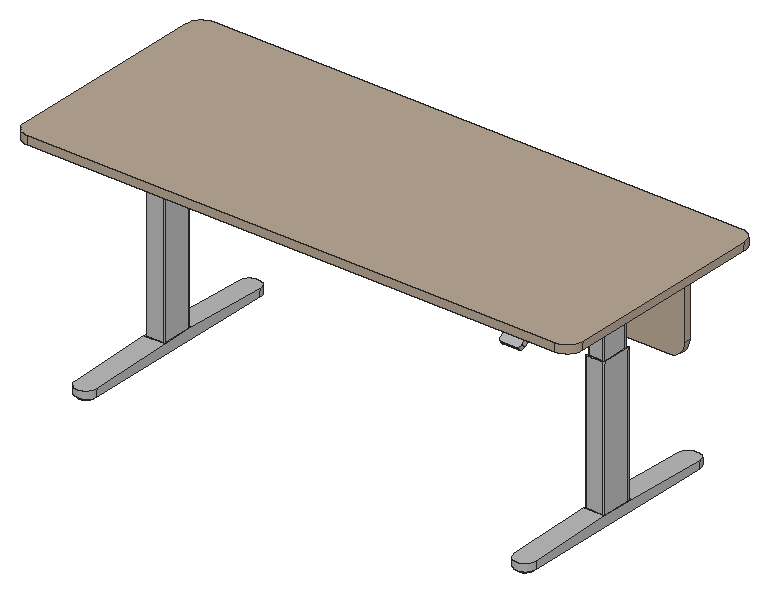
Revit family "Worksurface-Teknion-EMTW_Navigate_Height_Adjustable_Emote_With-Base-R2016", category Furniture, Revit 2018
Family settings
  OmniClass Number = 23.40.20.00
  OmniClass Title = General Furniture and Specialties
  Work Plane-Based = No
  Always vertical = Yes
  Cut with Voids When Loaded = No
  Shared = Yes
  Room Calculation Point = No
Parameters (values of type "Eased Corner, Knife Edge")
  Worksurface Finish [instance] = Veneer - Teknion - 5N - Flintwood - White Oak
  Width [instance] = 72.000"
  Warranty = "http://www.teknion.com/ca/papers/legal-canada"
  Unit Weight URL = "http://www.teknion.com/ca/tools/assets#&asset=bee6a381-b954-425e-8283-5a2de3a804f2,f828d448-4b62-4231-9e5f-9a8991c0ed77"
  URL = "www.teknion.com"
  To render, please download texture images found here [instance] = "https://assets.teknion.com/web/5e81352c1dfdb467/revit-material-swatches/"
  Switch Finish [instance] = Paint - Teknion - Mica - Platinum
  Sustainability Data = "https://www.teknion.com/ca/tools/assets#&topic=216f99a5-57a0-44fc-b10a-9dee9b29ae4c&asset=444deb64-fe58-4b68-981e-f75e97781df7,b4ff2d81-9f2e-437d-9659-7cffb09c31cf"
  Square Corner = no
  Series = "Emote"
  Round Corner = yes
  Product Page URL = "https://www.teknion.com/ca/products/product-details?productLineId=df54fb6e-8e7a-673b-a6c8-ff05004460c4"
  Product Line = "Emote"
  Product Documentation Link = "https://assets.teknion.com/m/e60fdd6154307a7/original/Emote-Sell-Sheet.pdf"
  Part Number = "EMTW"
  Modesty Panel Finish [instance] = Veneer - Teknion - 5N - Flintwood - White Oak
  Model = "EMTW9MR30__"
  Manufacturer Phone = "416-661-3370"  # constant formula
  Manufacturer Fax = "416.661.4586"  # constant formula
  Manufacturer Contact Information = "http://www.teknion.com/ca/contactus"
  Manufacturer Address = "1150 Flint Road, Toronto, ON. M3J 2J5. Canada"  # constant formula
  Manufacturer = "Teknion"  # constant formula
  How To Use Teknion Materials User Guide [instance] = "https://assets.teknion.com/m/205dd0a49fa58060/original/How-to-add-a-Material-Library-and-Texture-Images-to-your-Revit-project.pdf"
  Height [instance] = 29.000"
  Has Modesty Panel [instance] = yes
  Frame Cutout [instance] = if(Width = 72.000", 14.061", 11.061")  # 14.061"
  For Additional Finishes, please visit [instance] = "https://assets.teknion.com/m/44a8009b046e5d47/original/Teknion_Materials_Library.zip"
  Description = "Worksurface for Navigate Extended Range HA Table with Base, Extended Electric Emote Base Mechanics, Rectangular Top Square Edge, 30\" Depth"
  Center Hardware for Modesty Panel [instance] = and(Width > 59.000", Has Modesty Panel)  # yes
  Base Finish [instance] = Paint - Teknion - Mica - Platinum
  Available Widths [instance] = "48, 54, 60, 66, and 72 Inches"  # constant formula
  Availabile Height [instance] = "22.6 to 48.7 Inches"  # constant formula
  Assembly Code = "E2020200"
Reference planes (in)
  plane 1 "Center Front/Back": y = 0
  plane 2: z = 0
  plane 3 "Center Left/Right": x = 0
  plane 4 "Left": x = -36
  plane 5 "Right": x = 36
  plane 6 "Back": y = 15
  plane 7 "Front": y = -15
  plane 8 "Top": z = 29
  plane 9 "Left Edge of Modesty Panel": x = -29.75
  plane 10 "Right Edge of Modesty Panel": x = 29.75
  plane 11 "Bottom of Worksurface": z = 28
  plane 12 "Top of Modesty Panel": z = 27
  plane 13 "Bottom of Modesty Panel": z = 14
  plane 14 "Outer Edge of Left Hardware for Modesty Panel": x = -26.5
  plane 15 "Inner Edge for Left Hardaware for Modesty Panel": x = -24
  plane 16 "Outer Edge of Right Hardware for Modesty Panel": x = 26.5
  plane 17 "Inner Edge for Right Hardaware for Modesty Panel": x = 24
  plane 18 "Left edge of Center Hardware for Modesty Panel": x = -1.25
  plane 19 "Right Edge of Center Hardware for Modesty Panel": x = 1.25
  plane 20 "Back of Modesty Panel": y = 12.011
  plane 21 "Front of Modesty Panel": y = 11.326
  plane 22 "Bottom of Hardware of Modesty Panel": z = 23
  plane 23 "Front of Hardware of Modesty Panel": y = 7.32617
  plane 24: z = 0.22835
  plane 25: z = 0.34646
  plane 26: z = 1.60444
  plane 27: z = 19.26378
  plane 28: z = 22.72638
  plane 29: z = 26.18897
  plane 30: through (0, -15.13169, 26.65218) normal (0, 0.7547, 0.6561)
Forms (in)
  Sweep 1, solid, material "Veneer - Teknion - 5N - Flintwood - White Oak" <- "Worksurface Finish", visible <- "Square Corner"
    path origin (0, 0, 0) x (1, 0, 0) y (0, 0, 1)
      loop
        line (0, 28) -> (0, 29)
    profile origin (0, 0, 28.5) x (-1, 0, 0) y (0, -1, 0)
      loop
        line (36, -15) -> (36, 15) -> (-36, 15) -> (-36, -15) -> (36, -15)
  Sweep 2, solid, material "Veneer - Teknion - 5N - Flintwood - White Oak" <- "Worksurface Finish", visible <- "Round Corner"
    path origin (0, 0, 0) x (1, 0, 0) y (0, 0, 1)
      loop
        line (0, 28) -> (0, 29)
    profile origin (0, 0, 28.5) x (-1, 0, 0) y (0, -1, 0)
      loop
        arc (34, -15) -> (35.41421, -14.41421) -> (36, -13) r 2
        line (36, -13) -> (36, 13)
        arc (36, 13) -> (35.41421, 14.41421) -> (34, 15) r 2
        line (34, 15) -> (-34, 15)
        arc (-34, 15) -> (-35.41421, 14.41421) -> (-36, 13) r 2
        line (-36, 13) -> (-36, -13)
        arc (-36, -13) -> (-35.41421, -14.41421) -> (-34, -15) r 2
        line (-34, -15) -> (34, -15)
  Sweep 3, solid, material "Veneer - Teknion - 5N - Flintwood - White Oak" <- "Modesty Panel Finish", visible <- "Has Modesty Panel"
    path origin (0, 0, 0) x (1, 0, 0) y (0, 1, 0)
      loop
        line (0, 11.326) -> (0, 12.011)
    profile origin (0, 11.6685, 0) x (-1, 0, 0) y (0, 0, 1)
      loop
        line (29.75, 16) -> (29.75, 27) -> (-29.75, 27) -> (-29.75, 16)
        arc (-29.75, 16) -> (-29.16421, 14.58578) -> (-27.75, 14) r 2
        line (-27.75, 14) -> (27.75, 14)
        arc (27.75, 14) -> (29.16421, 14.58578) -> (29.75, 16) r 2
  Sweep 4, solid, material "Paint - Teknion - Mica - Platinum" <- "Base Finish", visible <- "Has Modesty Panel"
    path origin (0, 0, 0) x (0, 1, 0) y (0, 0, 1)
      loop
        line (11.326, 23) -> (11.326, 28) -> (7.32617, 28)
    profile origin (0, 11.326, 25.5) x (0, -1, 0) y (1, 0, 0)
      loop
        line (0.38914, -26.5) -> (0.38914, -26.44) -> (0.06, -26.44) -> (0.06, -24.0605) -> (0.38914, -24.0605) -> (0.38914, -24) -> (0, -24) -> (0, -26.5) -> (0.38914, -26.5)
      loop
        line (0.38914, 24) -> (0.38914, 24.06) -> (0.06, 24.06) -> (0.06, 26.4395) -> (0.38914, 26.4395) -> (0.38914, 26.5) -> (0, 26.5) -> (0, 24) -> (0.38914, 24)
  Sweep 5, solid, material "Paint - Teknion - Mica - Platinum" <- "Base Finish", visible <- "Center Hardware for Modesty Panel"
    path origin (0, 0, 0) x (0, 1, 0) y (0, 0, 1)
      loop
        line (11.326, 23) -> (11.326, 28) -> (7.32617, 28)
    profile origin (0, 11.326, 25.5) x (0, -1, 0) y (1, 0, 0)
      loop
        line (0.38914, -1.25) -> (0.38914, -1.19) -> (0.06, -1.19) -> (0.06, 1.1895) -> (0.38914, 1.1895) -> (0.38914, 1.25) -> (0, 1.25) -> (0, -1.25) -> (0.38914, -1.25)
  Sweep 6, solid, material "Paint - Teknion - Mica - Platinum" <- "Base Finish"
    path origin (0, 0, 0) x (1, 0, 0) y (0, 0, 1)
      loop
        line (0, 0) -> (0, 0.22835)
    profile origin (0, 0, 0.11417) x (-1, 0, 0) y (0, -1, 0)
      loop
        circle (28.34724, -13.66073) r 0.984
      loop
        circle (28.34724, 12.63848) r 0.984
      loop
        circle (-28.34724, -13.66073) r 0.984
      loop
        circle (-28.34724, 12.63848) r 0.984
  Sweep 7, solid, material "Paint - Teknion - Mica - Platinum" <- "Base Finish"
    path origin (0, 0, 0) x (1, 0, 0) y (0, 0, 1)
      loop
        line (0, 0.22835) -> (0, 0.34646)
    profile origin (0, 0, 0.2874) x (-1, 0, 0) y (0, -1, 0)
      loop
        line (29.52835, -13.66073) -> (29.52835, 12.63848)
        arc (29.52835, 12.63848) -> (28.34724, 13.81959) -> (27.16614, 12.63848) r 1.1811
        line (27.16614, 12.63848) -> (27.16614, -13.66073)
        arc (27.16614, -13.66073) -> (28.34724, -14.84183) -> (29.52835, -13.66073) r 1.1811
      loop
        arc (-29.52835, -13.66073) -> (-28.34724, -14.84183) -> (-27.16614, -13.66073) r 1.1811
        line (-27.16614, -13.66073) -> (-27.16614, 12.63848)
        arc (-27.16614, 12.63848) -> (-28.34724, 13.81959) -> (-29.52835, 12.63848) r 1.1811
        line (-29.52835, 12.63848) -> (-29.52835, -13.66073)
  Sweep 8, solid, material "Paint - Teknion - Mica - Platinum" <- "Base Finish"
    path origin (0, 0, 0) x (1, 0, 0) y (0, 0, 1)
      loop
        line (0, 0.34646) -> (0, 1.60444)
    profile origin (0, 0, 0.97545) x (-1, 0, 0) y (0, -1, 0)
      loop
        line (29.7252, -13.66073) -> (29.7252, 12.63848)
        arc (29.7252, 12.63848) -> (28.34724, 14.01644) -> (26.96929, 12.63848) r 1.37795
        line (26.96929, 12.63848) -> (26.96929, -13.66073)
        arc (26.96929, -13.66073) -> (28.34724, -15.03868) -> (29.7252, -13.66073) r 1.37795
      loop
        arc (-29.7252, -13.66073) -> (-28.34724, -15.03868) -> (-26.96929, -13.66073) r 1.37795
        line (-26.96929, -13.66073) -> (-26.96929, 12.63848)
        arc (-26.96929, 12.63848) -> (-28.34724, 14.01644) -> (-29.7252, 12.63848) r 1.37795
        line (-29.7252, 12.63848) -> (-29.7252, -13.66073)
  Sweep 9, void
    path origin (0, 0, 0) x (1, 0, 0) y (0, 1, 0)
      loop
        line (-36, 0) -> (36, 0)
    profile origin (0, 0, 0) x (0, 1, 0) y (0, 0, 1)
      loop
        line (2.74117, 1.60444) -> (16.5, 1.15679) -> (16.5, 3) -> (-15, 3) -> (-15, 1.16812) -> (-1.58947, 1.60444) -> (2.74117, 1.60444)
  Sweep 10, solid, material "Paint - Teknion - Mica - Platinum" <- "Base Finish"
    path origin (0, 0, 0) x (1, 0, 0) y (0, 0, 1)
      loop
        line (0, 1.60444) -> (0, 19.26378)
    profile origin (0, 0, 10.43411) x (-1, 0, 0) y (0, -1, 0)
      loop
        arc (29.55477, 1.33927) -> (29.51243, 1.44147) -> (29.41024, 1.4838) r 0.14453
        line (29.41024, 1.4838) -> (27.28425, 1.4838)
        arc (27.28425, 1.4838) -> (27.18205, 1.44147) -> (27.13972, 1.33927) r 0.14453
        line (27.13972, 1.33927) -> (27.13972, -2.36152)
        arc (27.13972, -2.36152) -> (27.18205, -2.46372) -> (27.28425, -2.50605) r 0.14453
        line (27.28425, -2.50605) -> (29.41024, -2.50605)
        arc (29.41024, -2.50605) -> (29.51243, -2.46372) -> (29.55477, -2.36152) r 0.14453
        line (29.55477, -2.36152) -> (29.55477, 1.33927)
      loop
        line (-29.55477, 1.33927) -> (-29.55477, -2.36152)
        arc (-29.55477, -2.36152) -> (-29.51243, -2.46372) -> (-29.41024, -2.50605) r 0.14453
        line (-29.41024, -2.50605) -> (-27.28425, -2.50605)
        arc (-27.28425, -2.50605) -> (-27.18205, -2.46372) -> (-27.13972, -2.36152) r 0.14453
        line (-27.13972, -2.36152) -> (-27.13972, 1.33927)
        arc (-27.13972, 1.33927) -> (-27.18205, 1.44147) -> (-27.28425, 1.4838) r 0.14453
        line (-27.28425, 1.4838) -> (-29.41024, 1.4838)
        arc (-29.41024, 1.4838) -> (-29.51243, 1.44147) -> (-29.55477, 1.33927) r 0.14453
  Sweep 11, solid, material "Paint - Teknion - Mica - Platinum" <- "Base Finish"
    path origin (0, 0, 0) x (1, 0, 0) y (0, 0, 1)
      loop
        line (0, 19.26378) -> (0, 22.72638)
    profile origin (0, 0, 20.99508) x (-1, 0, 0) y (0, -1, 0)
      loop
        arc (29.20945, -2.28872) -> (29.29297, -2.25413) -> (29.32756, -2.17061) r 0.11811
        line (29.32756, -2.17061) -> (29.32756, 1.14837)
        arc (29.32756, 1.14837) -> (29.29297, 1.23188) -> (29.20945, 1.26648) r 0.11811
        line (29.20945, 1.26648) -> (27.48504, 1.26648)
        arc (27.48504, 1.26648) -> (27.40152, 1.23188) -> (27.36693, 1.14837) r 0.11811
        line (27.36693, 1.14837) -> (27.36693, -2.17061)
        arc (27.36693, -2.17061) -> (27.40152, -2.25413) -> (27.48504, -2.28872) r 0.11811
        line (27.48504, -2.28872) -> (29.20945, -2.28872)
      loop
        line (-29.20945, -2.28872) -> (-27.48504, -2.28872)
        arc (-27.48504, -2.28872) -> (-27.40152, -2.25413) -> (-27.36693, -2.17061) r 0.11811
        line (-27.36693, -2.17061) -> (-27.36693, 1.14837)
        arc (-27.36693, 1.14837) -> (-27.40152, 1.23188) -> (-27.48504, 1.26648) r 0.11811
        line (-27.48504, 1.26648) -> (-29.20945, 1.26648)
        arc (-29.20945, 1.26648) -> (-29.29297, 1.23188) -> (-29.32756, 1.14837) r 0.11811
        line (-29.32756, 1.14837) -> (-29.32756, -2.17061)
        arc (-29.32756, -2.17061) -> (-29.29297, -2.25413) -> (-29.20945, -2.28872) r 0.11811
  Sweep 12, solid, material "Paint - Teknion - Mica - Platinum" <- "Base Finish"
    path origin (0, 0, 0) x (1, 0, 0) y (0, 0, 1)
      loop
        line (0, 22.72638) -> (0, 26.18897)
    profile origin (0, 0, 24.45768) x (-1, 0, 0) y (0, -1, 0)
      loop
        line (27.64912, -2.1151) -> (29.04537, -2.1151)
        arc (29.04537, -2.1151) -> (29.12887, -2.08049) -> (29.16343, -1.99697) r 0.11807
        line (29.16343, -1.99697) -> (29.16343, 0.97472)
        arc (29.16343, 0.97472) -> (29.12887, 1.05825) -> (29.04537, 1.09285) r 0.11807
        line (29.04537, 1.09285) -> (27.64912, 1.09285)
        arc (27.64912, 1.09285) -> (27.56561, 1.05825) -> (27.53106, 0.97472) r 0.11807
        line (27.53106, 0.97472) -> (27.53106, -1.99697)
        arc (27.53106, -1.99697) -> (27.56561, -2.08049) -> (27.64912, -2.1151) r 0.11807
      loop
        arc (-27.64912, -2.1151) -> (-27.56561, -2.08049) -> (-27.53106, -1.99697) r 0.11807
        line (-27.53106, -1.99697) -> (-27.53106, 0.97472)
        arc (-27.53106, 0.97472) -> (-27.56561, 1.05825) -> (-27.64912, 1.09285) r 0.11807
        line (-27.64912, 1.09285) -> (-29.04537, 1.09285)
        arc (-29.04537, 1.09285) -> (-29.12887, 1.05825) -> (-29.16343, 0.97472) r 0.11807
        line (-29.16343, 0.97472) -> (-29.16343, -1.99697)
        arc (-29.16343, -1.99697) -> (-29.12887, -2.08049) -> (-29.04537, -2.1151) r 0.11807
        line (-29.04537, -2.1151) -> (-27.64912, -2.1151)
  Sweep 13, solid, material "Paint - Teknion - Mica - Platinum" <- "Base Finish"
    path origin (0, 0, 0) x (1, 0, 0) y (0, 1, 0)
      loop
        line (0, -1.65423) -> (0, 2.67648)
    profile origin (0, 0.51112, 0) x (-1, 0, 0) y (0, 0, 1)
      loop
        line (29.75, 28) -> (22.4811, 28) -> (22.4811, 26.93701) -> (23.11102, 26.18897) -> (29.75, 26.18897) -> (29.75, 28)
      loop
        line (-29.75, 28) -> (-29.75, 26.18897) -> (-23.11102, 26.18897) -> (-22.4811, 26.93701) -> (-22.4811, 28) -> (-29.75, 28)
  Sweep 14, solid, material "Paint - Teknion - Mica - Platinum" <- "Base Finish"
    path origin (0, 0, 0) x (1, 0, 0) y (0, 1, 0)
      loop
        line (-26.92992, 0) -> (26.92992, 0)
    profile origin (0, 0, 0) x (0, 1, 0) y (0, 0, 1)
      loop
        line (2.8047, 26.2937) -> (2.8047, 28) -> (2.7001, 28) -> (2.7001, 26.18897) -> (-1.67785, 26.18897) -> (-1.67785, 28) -> (-1.78245, 28) -> (-1.78245, 26.2937)
        arc (-1.78245, 26.2937) -> (-1.72114, 26.14568) -> (-1.57313, 26.08437) r 0.20932
        line (-1.57313, 26.08437) -> (2.59538, 26.08437)
        arc (2.59538, 26.08437) -> (2.74339, 26.14568) -> (2.8047, 26.2937) r 0.20932
  Sweep 15, solid, material "Paint - Teknion - Mica - Platinum" <- "Base Finish"
    path origin (0, 0, 0) x (1, 0, 0) y (0, 1, 0)
      loop
        line (-31.25, 0) -> (-25.25, 0)
    profile origin (-28.25, 0, 0) x (0, 1, 0) y (0, 0, 1)
      loop
        line (3.10304, 26.07086) -> (9.07617, 27.43228) -> (9.07617, 28) -> (-8.05383, 28) -> (-8.05383, 27.4324) -> (-2.08017, 26.07086) -> (3.10304, 26.07086)
  Sweep 16, void
    path origin (0, 0, 0) x (1, 0, 0) y (0, 0, 1)
      loop
        line (0, 23) -> (0, 29)
    profile origin (0, 0, 26) x (-1, 0, 0) y (0, -1, 0)
      loop
        line (27.66825, -8.97601) -> (29.17479, -8.97601)
        arc (29.17479, -8.97601) -> (29.49191, -8.85375) -> (29.64491, -8.55027) r 0.47244
        line (29.64491, -8.55027) -> (30.19317, -3.03112) -> (30.19317, 2.00825) -> (29.64491, 7.52739)
        arc (29.64491, 7.52739) -> (29.49191, 7.83088) -> (29.17479, 7.95313) r 0.47244
        line (29.17479, 7.95313) -> (27.66825, 7.95313)
        arc (27.66825, 7.95313) -> (27.35113, 7.83088) -> (27.19812, 7.52739) r 0.47244
        line (27.19812, 7.52739) -> (26.64986, 2.00825) -> (26.64986, 1.80157) -> (29.72073, 1.80157) -> (29.72073, -2.82445) -> (26.64986, -2.82445) -> (26.64986, -3.03112) -> (27.19812, -8.55027)
        arc (27.19812, -8.55027) -> (27.35113, -8.85375) -> (27.66825, -8.97601) r 0.47244
      loop
        line (31.75, -9.47601) -> (31.75, 8.45313) -> (24.75, 8.45313) -> (24.75, -9.47601) -> (31.75, -9.47601)
      loop
        arc (-27.66825, -8.97601) -> (-27.35113, -8.85375) -> (-27.19812, -8.55027) r 0.47244
        line (-27.19812, -8.55027) -> (-26.64986, -3.03112) -> (-26.64986, -2.82445) -> (-29.72073, -2.82445) -> (-29.72073, 1.80157) -> (-26.64986, 1.80157) -> (-26.64986, 2.00825) -> (-27.19812, 7.52739)
        arc (-27.19812, 7.52739) -> (-27.35113, 7.83088) -> (-27.66825, 7.95313) r 0.47244
        line (-27.66825, 7.95313) -> (-29.17479, 7.95313)
        arc (-29.17479, 7.95313) -> (-29.49191, 7.83088) -> (-29.64491, 7.52739) r 0.47244
        line (-29.64491, 7.52739) -> (-30.19317, 2.00825) -> (-30.19317, -3.03112) -> (-29.64491, -8.55027)
        arc (-29.64491, -8.55027) -> (-29.49191, -8.85375) -> (-29.17479, -8.97601) r 0.47244
        line (-29.17479, -8.97601) -> (-27.66825, -8.97601)
      loop
        line (-31.75, -9.47601) -> (-24.75, -9.47601) -> (-24.75, 8.45313) -> (-31.75, 8.45313) -> (-31.75, -9.47601)
  Sweep 17, solid, material "Paint - Teknion - Mica - Platinum" <- "Base Finish"
    path origin (0, 0, 0) x (1, 0, 0) y (0, 1, 0)
      loop
        line (25.25, 0) -> (31.25, 0)
    profile origin (28.25, 0, 0) x (0, 1, 0) y (0, 0, 1)
      loop
        line (3.10304, 26.07086) -> (9.07617, 27.43228) -> (9.07617, 28) -> (-8.05383, 28) -> (-8.05383, 27.4324) -> (-2.08017, 26.07086) -> (3.10304, 26.07086)
  Sweep 18, void
    path origin (0, 0, 0) x (1, 0, 0) y (0, 0, 1)
      loop
        line (0, 23) -> (0, 27.68504)
    profile origin (0, 0, 25.34252) x (-1, 0, 0) y (0, -1, 0)
      loop
        line (29.42965, -3.0213) -> (27.41339, -3.0213)
        arc (27.41339, -3.0213) -> (27.07132, -3.17229) -> (26.95238, -3.52677) r 0.46297
        line (26.95238, -3.52677) -> (27.4136, -8.52886)
        arc (27.4136, -8.52886) -> (27.49647, -8.69325) -> (27.66825, -8.75947) r 0.25591
        line (27.66825, -8.75947) -> (29.17479, -8.75947)
        arc (29.17479, -8.75947) -> (29.34656, -8.69325) -> (29.42944, -8.52886) r 0.25591
        line (29.42944, -8.52886) -> (29.89066, -3.52677)
        arc (29.89066, -3.52677) -> (29.77171, -3.17229) -> (29.42965, -3.0213) r 0.46297
      loop
        arc (29.42965, 1.99842) -> (29.77171, 2.14941) -> (29.89066, 2.50389) r 0.46297
        line (29.89066, 2.50389) -> (29.42944, 7.50598)
        arc (29.42944, 7.50598) -> (29.34656, 7.67037) -> (29.17479, 7.73659) r 0.25591
        line (29.17479, 7.73659) -> (27.66825, 7.73659)
        arc (27.66825, 7.73659) -> (27.49647, 7.67037) -> (27.4136, 7.50598) r 0.25591
        line (27.4136, 7.50598) -> (26.95238, 2.50389)
        arc (26.95238, 2.50389) -> (27.07132, 2.14941) -> (27.41339, 1.99842) r 0.46297
        line (27.41339, 1.99842) -> (29.42965, 1.99842)
      loop
        arc (-29.42965, -3.0213) -> (-29.77171, -3.17229) -> (-29.89066, -3.52677) r 0.46297
        line (-29.89066, -3.52677) -> (-29.42944, -8.52886)
        arc (-29.42944, -8.52886) -> (-29.34656, -8.69325) -> (-29.17479, -8.75947) r 0.25591
        line (-29.17479, -8.75947) -> (-27.66825, -8.75947)
        arc (-27.66825, -8.75947) -> (-27.49647, -8.69325) -> (-27.4136, -8.52886) r 0.25591
        line (-27.4136, -8.52886) -> (-26.95238, -3.52677)
        arc (-26.95238, -3.52677) -> (-27.07132, -3.17229) -> (-27.41339, -3.0213) r 0.46297
        line (-27.41339, -3.0213) -> (-29.42965, -3.0213)
      loop
        line (-29.42965, 1.99842) -> (-27.41339, 1.99842)
        arc (-27.41339, 1.99842) -> (-27.07132, 2.14941) -> (-26.95238, 2.50389) r 0.46297
        line (-26.95238, 2.50389) -> (-27.4136, 7.50598)
        arc (-27.4136, 7.50598) -> (-27.49647, 7.67037) -> (-27.66825, 7.73659) r 0.25591
        line (-27.66825, 7.73659) -> (-29.17479, 7.73659)
        arc (-29.17479, 7.73659) -> (-29.34656, 7.67037) -> (-29.42944, 7.50598) r 0.25591
        line (-29.42944, 7.50598) -> (-29.89066, 2.50389)
        arc (-29.89066, 2.50389) -> (-29.77171, 2.14941) -> (-29.42965, 1.99842) r 0.46297
  Sweep 19, void
    path origin (0, 0, 0) x (1, 0, 0) y (0, 0, 1)
      loop
        line (0, 23) -> (0, 28)
    profile origin (0, 0, 25.5) x (-1, 0, 0) y (0, -1, 0)
      loop
        line (15.689, -2.43068) -> (15.689, 1.40844) -> (5.33467, 1.40844) -> (5.33467, -2.43068) -> (15.689, -2.43068)
  Sweep 20, void
    path origin (0, 0, 0) x (1, 0, 0) y (0, 1, 0)
      loop
        line (0, 0) -> (0, 7.32617)
    profile origin (0, 3.66309, 0) x (-1, 0, 0) y (0, 0, 1)
      loop
        line (2.91339, 27.74409) -> (1.81102, 27.74409) -> (1.81102, 26.64173) -> (2.91339, 26.64173) -> (2.91339, 27.74409)
      loop
        line (1.33858, 27.74409) -> (0.23622, 27.74409) -> (0.23622, 26.64173) -> (1.33858, 26.64173) -> (1.33858, 27.74409)
      loop
        line (-0.23622, 27.74409) -> (-1.33858, 27.74409) -> (-1.33858, 26.64173) -> (-0.23622, 26.64173) -> (-0.23622, 27.74409)
      loop
        line (-1.81102, 27.74409) -> (-2.91339, 27.74409) -> (-2.91339, 26.64173) -> (-1.81102, 26.64173) -> (-1.81102, 27.74409)
      loop
        line (-3.89665, 27.62697) -> (-4.76476, 27.62697) -> (-4.76476, 26.75886) -> (-3.89665, 26.75886) -> (-3.89665, 27.62697)
  Sweep 21, solid, material "Paint - Teknion - Mica - Platinum" <- "Switch Finish"
    path origin (0, 0, 0) x (1, 0, 0) y (0, 1, 0)
      loop
        line (27.16332, 0) -> (29.77064, 0)
    profile origin (28.46698, 0, 0) x (0, 1, 0) y (0, 0, 1)
      loop
        line (-11.22953, 27.29921) -> (-11.22953, 28) -> (-12.09556, 28) -> (-12.09556, 27.36782)
        arc (-12.09556, 27.36782) -> (-12.12987, 27.28499) -> (-12.2127, 27.25068) r 0.11715
        line (-12.2127, 27.25068) -> (-14.13386, 27.25068) -> (-14.13386, 27.18126) -> (-12.22455, 27.18126)
        arc (-12.22455, 27.18126) -> (-12.10541, 27.21281) -> (-12.0175, 27.29921) r 0.2407
        line (-12.0175, 27.29921) -> (-11.22953, 27.29921)
  Sweep 22, solid, material "Paint - Teknion - Mica - Platinum" <- "Switch Finish"
    path origin (0, 0, 0) x (1, 0, 0) y (0, 1, 0)
      loop
        line (27.06036, 0) -> (29.87367, 0)
    profile origin (28.46702, 0, 0) x (0, 1, 0) y (0, 0, 1)
      loop
        line (-12.23156, 27.86321) -> (-14.47589, 27.86321) -> (-15.46381, 27.03425) -> (-15.13169, 26.65218) -> (-14.27845, 27.35534) -> (-12.24043, 27.35534) -> (-12.23156, 27.86321)
  Sweep 23, void
    path origin (0, 0, 0) x (0, 1, 0) y (0, 0, 1)
      loop
        line (-14.72903, 26.18897) -> (-16.30333, 28)
    profile origin (0, -15.51618, 27.09449) x (0, -0.75471, -0.656059) y (1, 0, 0)
      loop
        line (-0.98363, 26.5) -> (0.2824, 26.5) -> (0.2824, 28.4579) -> (0.2824, 30.4158) -> (-0.98363, 30.4158) -> (-0.98363, 29.88148) -> (-0.58767, 29.88148)
        arc (-0.58767, 29.88148) -> (-0.16781, 29.71967) -> (0.00781, 29.3054) r 0.5764
        line (0.00781, 29.3054) -> (0.00781, 27.62896)
        arc (0.00781, 27.62896) -> (-0.16101, 27.22138) -> (-0.56859, 27.05255) r 0.5764
        line (-0.56859, 27.05255) -> (-0.98363, 27.05255) -> (-0.98363, 26.5)
Cuts and joins
  Sweep 9 cuts Sweep 8
  Sweep 16, Sweep 18 cuts Sweep 15
  Sweep 16, Sweep 18 cuts Sweep 17
  Sweep 19, Sweep 20 cuts Sweep 14
  Sweep 23 cuts Sweep 22
Lines and regions (in)
  Masking region 1, visible <- "Square Corner"
    outline origin (0, 0, 0) x (1, 0, 0) y (0, 1, 0)
      loop
        line (-36, 15) -> (-36, -15) -> (36, -15) -> (36, 15) -> (-36, 15)
  Masking region 2, visible <- "Round Corner"
    outline origin (0, 0, 0) x (1, 0, 0) y (0, 1, 0)
      loop
        line (-36, 13) -> (-36, -13)
        arc (-36, -13) -> (-35.41421, -14.41421) -> (-34, -15) r 2
        line (-34, -15) -> (34, -15)
        arc (34, -15) -> (35.41421, -14.41421) -> (36, -13) r 2
        line (36, -13) -> (36, 13)
        arc (36, 13) -> (35.41421, 14.41421) -> (34, 15) r 2
        line (34, 15) -> (-34, 15)
        arc (-34, 15) -> (-35.41421, 14.41421) -> (-36, 13) r 2
  Masking region 3
    outline origin (0, 0, 0) x (1, 0, 0) y (0, 1, 0)
      loop
        spline (27.21202, -15) -> (27.23396, -15.01681) -> (27.25704, -15.0327) -> (27.28118, -15.0476) -> (27.30633, -15.06148) -> (27.33241, -15.07431) -> (27.35934, -15.08603) -> (27.38704, -15.09663) -> (27.41544, -15.10606) -> (27.44446, -15.11431) -> (27.474, -15.12134) -> (27.504, -15.12714) -> (27.53435, -15.13169)
        line (27.53435, -15.13169) -> (29.4, -15.13169)
        spline (29.4, -15.13169) -> (29.43036, -15.12714) -> (29.46035, -15.12134) -> (29.4899, -15.11431) -> (29.51891, -15.10606) -> (29.54731, -15.09663) -> (29.57502, -15.08603) -> (29.60195, -15.07431) -> (29.62802, -15.06148) -> (29.65317, -15.0476) -> (29.67731, -15.0327) -> (29.70039, -15.01681) -> (29.72233, -15)
        line (29.72233, -15) -> (27.21202, -15)
  Masking region 4
    outline origin (0, 0, 0) x (1, 0, 0) y (0, 1, 0)
      loop
        line (27.06036, -15) -> (27.06036, -15.10064)
        spline (27.06036, -15.10064) -> (27.07316, -15.14522) -> (27.0919, -15.18856) -> (27.11638, -15.23018) -> (27.14634, -15.26965) -> (27.18146, -15.30653) -> (27.22136, -15.34044) -> (27.26562, -15.37101) -> (27.31376, -15.39792) -> (27.36527, -15.42088) -> (27.4196, -15.43964) -> (27.47617, -15.454) -> (27.53438, -15.46382)
        line (27.53438, -15.46382) -> (27.53438, -15.13156)
        arc (27.53438, -15.13156) -> (27.36404, -15.08799) -> (27.21181, -15) r 0.64444
        line (27.21181, -15) -> (27.06036, -15)
  Masking region 5
    outline origin (0, 0, 0) x (1, 0, 0) y (0, 1, 0)
      loop
        line (27.53438, -15.13156) -> (27.53438, -15.46381) -> (29.39998, -15.46381) -> (29.39998, -15.13156) -> (27.53438, -15.13156)
  Masking region 6
    outline origin (0, 0, 0) x (1, 0, 0) y (0, 1, 0)
      loop
        arc (29.72254, -15) -> (29.57032, -15.08799) -> (29.39998, -15.13156) r 0.64444
        line (29.39998, -15.13156) -> (29.39998, -15.46382)
        spline (29.39998, -15.46382) -> (29.45803, -15.45404) -> (29.51445, -15.43973) -> (29.56865, -15.42105) -> (29.62006, -15.39819) -> (29.66812, -15.3714) -> (29.71232, -15.34096) -> (29.75219, -15.30719) -> (29.78731, -15.27046) -> (29.81731, -15.23116) -> (29.84187, -15.18969) -> (29.86072, -15.14651) -> (29.87367, -15.10208)
        line (29.87367, -15.10208) -> (29.87367, -15) -> (29.72254, -15)
  symbolic lines, style "FurnitureHiddenLines", visible <- "Has Modesty Panel", detail levels medium+fine
    curve 1: line (-29.75, 12.011, 0) -> (29.75, 12.011, 0)
    curve 2: line (-29.75, 11.326, 0) -> (-29.75, 12.011, 0)
    curve 3: line (29.75, 11.326, 0) -> (-29.75, 11.326, 0)
    curve 4: line (29.75, 12.011, 0) -> (29.75, 11.326, 0)
    curve 5: line (-26.5, 11.326, 0) -> (-26.5, 7.32617, 0)
    curve 6: line (-26.5, 7.32617, 0) -> (-24, 7.32617, 0)
    curve 7: line (-24, 7.32617, 0) -> (-24, 11.326, 0)
    curve 8: line (24, 11.326, 0) -> (24, 7.32617, 0)
    curve 9: line (24, 7.32617, 0) -> (26.5, 7.32617, 0)
    curve 10: line (26.5, 7.32617, 0) -> (26.5, 11.326, 0)
  symbolic lines, style "FurnitureHiddenLines", visible <- "Center Hardware for Modesty Panel", detail levels medium+fine
    curve 11: line (-1.25, 11.326, 0) -> (-1.25, 7.32617, 0)
    curve 12: line (-1.25, 7.32617, 0) -> (1.25, 7.32617, 0)
    curve 13: line (1.25, 7.32617, 0) -> (1.25, 11.326, 0)
  symbolic lines, style "FurnitureHiddenLines", visible <- "Has Modesty Panel", detail levels fine
    curve 14: line (-26.5, 10.93686, 0) -> (-26.44, 10.93686, 0)
    curve 15: line (-26.44, 7.32617, 0) -> (-26.44, 11.266, 0)
    curve 16: line (-26.44, 11.266, 0) -> (-24.0605, 11.266, 0)
    curve 17: line (-24.0605, 11.266, 0) -> (-24.0605, 7.32617, 0)
    curve 18: line (-24.0605, 10.93686, 0) -> (-24, 10.93686, 0)
    curve 19: line (24.06, 7.32617, 0) -> (24.06, 11.266, 0)
    curve 20: line (24, 10.93686, 0) -> (24.06, 10.93686, 0)
    curve 21: line (24.06, 11.266, 0) -> (26.4395, 11.266, 0)
    curve 22: line (26.4395, 11.266, 0) -> (26.4395, 7.32617, 0)
    curve 23: line (26.4395, 10.93686, 0) -> (26.5, 10.93686, 0)
  symbolic lines, style "FurnitureHiddenLines", visible <- "Center Hardware for Modesty Panel", detail levels fine
    curve 24: line (-1.19, 7.32617, 0) -> (-1.19, 11.266, 0)
    curve 25: line (-1.19, 11.266, 0) -> (1.1895, 11.266, 0)
    curve 26: line (1.1895, 11.266, 0) -> (1.1895, 7.32617, 0)
    curve 27: line (-1.25, 10.93686, 0) -> (-1.19, 10.93686, 0)
    curve 28: line (1.1895, 10.93686, 0) -> (1.25, 10.93686, 0)
  symbolic lines, style "FurnitureHiddenLines", detail levels medium+fine
    curve 29: line (-29.7252, 13.66073, 0) -> (-29.7252, -12.63848, 0)
    curve 30: arc (-26.96929, -12.63848, 0) -> (-28.34724, -14.01644, 0) -> (-29.7252, -12.63848, 0) r 1.37795
    curve 31: line (-26.96929, -12.63848, 0) -> (-26.96929, 13.66073, 0)
    curve 32: arc (-29.7252, 13.66073, 0) -> (-28.34724, 15.03868, 0) -> (-26.96929, 13.66073, 0) r 1.37795
    curve 33: arc (26.96929, 13.66073, 0) -> (28.34724, 15.03868, 0) -> (29.7252, 13.66073, 0) r 1.37795
    curve 34: line (29.7252, -12.63848, 0) -> (29.7252, 13.66073, 0)
    curve 35: arc (29.7252, -12.63848, 0) -> (28.34724, -14.01644, 0) -> (26.96929, -12.63848, 0) r 1.37795
    curve 36: line (26.96929, 13.66073, 0) -> (26.96929, -12.63848, 0)
    curve 37: line (-27.28425, 2.50605, 0) -> (-29.41024, 2.50605, 0)
    curve 38: arc (-29.41024, 2.50605, 0) -> (-29.51243, 2.46372, 0) -> (-29.55477, 2.36152, 0) r 0.14453
    curve 39: line (-29.55477, 2.36152, 0) -> (-29.55477, -1.33927, 0)
    curve 40: arc (-29.55477, -1.33927, 0) -> (-29.51243, -1.44147, 0) -> (-29.41024, -1.4838, 0) r 0.14453
    curve 41: line (-29.41024, -1.4838, 0) -> (-27.28425, -1.4838, 0)
    curve 42: arc (-27.28425, -1.4838, 0) -> (-27.18205, -1.44147, 0) -> (-27.13972, -1.33927, 0) r 0.14453
    curve 43: line (-27.13972, -1.33927, 0) -> (-27.13972, 2.36152, 0)
    curve 44: arc (-27.13972, 2.36152, 0) -> (-27.18205, 2.46372, 0) -> (-27.28425, 2.50605, 0) r 0.14453
    curve 45: line (29.41024, 2.50605, 0) -> (27.28425, 2.50605, 0)
    curve 46: arc (27.28425, 2.50605, 0) -> (27.18205, 2.46372, 0) -> (27.13972, 2.36152, 0) r 0.14453
    curve 47: line (27.13972, 2.36152, 0) -> (27.13972, -1.33927, 0)
    curve 48: arc (27.13972, -1.33927, 0) -> (27.18205, -1.44147, 0) -> (27.28425, -1.4838, 0) r 0.14453
    curve 49: line (27.28425, -1.4838, 0) -> (29.41024, -1.4838, 0)
    curve 50: arc (29.41024, -1.4838, 0) -> (29.51243, -1.44147, 0) -> (29.55477, -1.33927, 0) r 0.14453
    curve 51: line (29.55477, -1.33927, 0) -> (29.55477, 2.36152, 0)
    curve 52: arc (29.55477, 2.36152, 0) -> (29.51243, 2.46372, 0) -> (29.41024, 2.50605, 0) r 0.14453
    curve 53: line (26.92992, 2.8047, 0) -> (-26.92992, 2.8047, 0)
    curve 54: line (-26.92992, -1.78245, 0) -> (-26.92992, 2.8047, 0)
    curve 55: line (-26.92992, -1.78245, 0) -> (26.92992, -1.78245, 0)
    curve 56: line (26.92992, -1.78245, 0) -> (26.92992, 2.8047, 0)
    curve 57: line (29.75, 2.67648, 0) -> (22.4811, 2.67648, 0)
    curve 58: line (29.75, -1.65423, 0) -> (22.4811, -1.65423, 0)
    curve 59: line (22.4811, 2.67648, 0) -> (22.4811, -1.65423, 0)
    curve 60: line (29.75, -1.65423, 0) -> (29.75, 2.67648, 0)
    curve 61: line (-22.4811, -1.65423, 0) -> (-22.4811, 2.67648, 0)
    curve 62: line (-29.75, 2.67648, 0) -> (-22.4811, 2.67648, 0)
    curve 63: line (-22.4811, -1.65423, 0) -> (-29.75, -1.65423, 0)
    curve 64: line (-29.75, 2.67648, 0) -> (-29.75, -1.65423, 0)
    curve 65: line (-29.17479, 8.97601, 0) -> (-27.66825, 8.97601, 0)
    curve 66: line (-30.19317, 3.03112, 0) -> (-29.64491, 8.55027, 0)
    curve 67: line (-27.19812, 8.55027, 0) -> (-26.64986, 3.03112, 0)
    curve 68: line (-26.64986, 3.03112, 0) -> (-26.64986, 2.82445, 0)
    curve 69: line (-26.64986, 2.82445, 0) -> (-29.72073, 2.82445, 0)
    curve 70: line (-29.72073, 2.82445, 0) -> (-29.72073, -1.80157, 0)
    curve 71: line (-29.72073, -1.80157, 0) -> (-26.64986, -1.80157, 0)
    curve 72: line (-26.64986, -1.80157, 0) -> (-26.64986, -2.00825, 0)
    curve 73: line (-26.64986, -2.00825, 0) -> (-27.19812, -7.52739, 0)
    curve 74: line (-27.66825, -7.95313, 0) -> (-29.17479, -7.95313, 0)
    curve 75: line (-29.64491, -7.52739, 0) -> (-30.19317, -2.00825, 0)
    curve 76: line (-30.19317, -2.00825, 0) -> (-30.19317, 3.03112, 0)
    curve 77: arc (-29.64491, -7.52739, 0) -> (-29.49191, -7.83088, 0) -> (-29.17479, -7.95313, 0) r 0.47244
    curve 78: arc (-27.66825, -7.95313, 0) -> (-27.35113, -7.83088, 0) -> (-27.19812, -7.52739, 0) r 0.47244
    curve 79: arc (-29.17479, 8.97601, 0) -> (-29.49191, 8.85375, 0) -> (-29.64491, 8.55027, 0) r 0.47244
    curve 80: arc (-27.19812, 8.55027, 0) -> (-27.35113, 8.85375, 0) -> (-27.66825, 8.97601, 0) r 0.47244
    curve 81: line (27.66825, 8.97601, 0) -> (29.17479, 8.97601, 0)
    curve 82: line (26.64986, 3.03112, 0) -> (27.19812, 8.55027, 0)
    curve 83: line (29.64491, 8.55027, 0) -> (30.19317, 3.03112, 0)
    curve 84: line (30.19317, 3.03112, 0) -> (30.19317, -2.00825, 0)
    curve 85: line (30.19317, -2.00825, 0) -> (29.64491, -7.52739, 0)
    curve 86: line (29.17479, -7.95313, 0) -> (27.66825, -7.95313, 0)
    curve 87: line (27.19812, -7.52739, 0) -> (26.64986, -2.00825, 0)
    curve 88: line (26.64986, -2.00825, 0) -> (26.64986, -1.80157, 0)
    curve 89: line (26.64986, -1.80157, 0) -> (29.72073, -1.80157, 0)
    curve 90: line (29.72073, -1.80157, 0) -> (29.72073, 2.82445, 0)
    curve 91: line (29.72073, 2.82445, 0) -> (26.64986, 2.82445, 0)
    curve 92: line (26.64986, 2.82445, 0) -> (26.64986, 3.03112, 0)
    curve 93: arc (27.66825, 8.97601, 0) -> (27.35113, 8.85375, 0) -> (27.19812, 8.55027, 0) r 0.47244
    curve 94: arc (29.64491, 8.55027, 0) -> (29.49191, 8.85375, 0) -> (29.17479, 8.97601, 0) r 0.47244
    curve 95: arc (29.17479, -7.95313, 0) -> (29.49191, -7.83088, 0) -> (29.64491, -7.52739, 0) r 0.47244
    curve 96: arc (27.19812, -7.52739, 0) -> (27.35113, -7.83088, 0) -> (27.66825, -7.95313, 0) r 0.47244
    curve 182: line (27.06036, -15.10065, 0) -> (27.06036, -12.23156, 0)
    curve 183: line (29.87367, -15.10209, 0) -> (29.87367, -12.23156, 0)
    curve 184: line (29.87367, -12.23156, 0) -> (27.06036, -12.23156, 0)
  symbolic lines, style "FurnitureHiddenLines", detail levels fine
    curve 97: arc (-29.52835, 13.66073, 0) -> (-28.34724, 14.84183, 0) -> (-27.16614, 13.66073, 0) r 1.1811
    curve 98: arc (-27.16614, -12.63848, 0) -> (-28.34724, -13.81959, 0) -> (-29.52835, -12.63848, 0) r 1.1811
    curve 99: line (-29.52835, 13.66073, 0) -> (-29.52835, -12.63848, 0)
    curve 100: line (-27.16614, -12.63848, 0) -> (-27.16614, 13.66073, 0)
    curve 101: line (27.16614, 13.66073, 0) -> (27.16614, -12.63848, 0)
    curve 102: line (29.52835, -12.63848, 0) -> (29.52835, 13.66073, 0)
    curve 103: arc (29.52835, -12.63848, 0) -> (28.34724, -13.81959, 0) -> (27.16614, -12.63848, 0) r 1.1811
    curve 104: arc (27.16614, 13.66073, 0) -> (28.34724, 14.84183, 0) -> (29.52835, 13.66073, 0) r 1.1811
    curve 105: arc (-27.36324, 13.66073, 0) -> (-28.34724, 12.67673, 0) -> (-29.33124, 13.66073, 0) r 0.984
    curve 106: arc (-29.33124, 13.66073, 0) -> (-28.34724, 14.64473, 0) -> (-27.36324, 13.66073, 0) r 0.984
    curve 107: arc (-29.33124, -12.63848, 0) -> (-28.34724, -11.65448, 0) -> (-27.36324, -12.63848, 0) r 0.984
    curve 108: arc (-27.36324, -12.63848, 0) -> (-28.34724, -13.62248, 0) -> (-29.33124, -12.63848, 0) r 0.984
    curve 109: arc (27.36324, -12.63848, 0) -> (28.34724, -11.65448, 0) -> (29.33124, -12.63848, 0) r 0.984
    curve 110: arc (29.33124, -12.63848, 0) -> (28.34724, -13.62248, 0) -> (27.36324, -12.63848, 0) r 0.984
    curve 111: arc (27.36324, 13.66073, 0) -> (28.34724, 14.64473, 0) -> (29.33124, 13.66073, 0) r 0.984
    curve 112: arc (29.33124, 13.66073, 0) -> (28.34724, 12.67673, 0) -> (27.36324, 13.66073, 0) r 0.984
    curve 113: line (27.41339, 3.0213, 0) -> (29.42965, 3.0213, 0)
    curve 114: line (27.4136, 8.52886, 0) -> (26.95238, 3.52677, 0)
    curve 115: line (29.89066, 3.52677, 0) -> (29.42944, 8.52886, 0)
    curve 116: line (29.17479, 8.75947, 0) -> (27.66825, 8.75947, 0)
    curve 117: arc (27.4136, 8.52886, 0) -> (27.49647, 8.69325, 0) -> (27.66825, 8.75947, 0) r 0.25591
    curve 118: arc (29.17479, 8.75947, 0) -> (29.34656, 8.69325, 0) -> (29.42944, 8.52886, 0) r 0.25591
    curve 119: arc (27.41339, 3.0213, 0) -> (27.07132, 3.17229, 0) -> (26.95238, 3.52677, 0) r 0.46297
    curve 120: arc (29.89066, 3.52677, 0) -> (29.77171, 3.17229, 0) -> (29.42965, 3.0213, 0) r 0.46297
    curve 121: line (29.42965, -1.99842, 0) -> (27.41339, -1.99842, 0)
    curve 122: line (26.95238, -2.50389, 0) -> (27.4136, -7.50598, 0)
    curve 123: line (29.42944, -7.50598, 0) -> (29.89066, -2.50389, 0)
    curve 124: line (27.66825, -7.73659, 0) -> (29.17479, -7.73659, 0)
    curve 125: arc (27.66825, -7.73659, 0) -> (27.49647, -7.67037, 0) -> (27.4136, -7.50598, 0) r 0.25591
    curve 126: arc (29.42944, -7.50598, 0) -> (29.34656, -7.67037, 0) -> (29.17479, -7.73659, 0) r 0.25591
    curve 127: arc (29.42965, -1.99842, 0) -> (29.77171, -2.14941, 0) -> (29.89066, -2.50389, 0) r 0.46297
    curve 128: arc (26.95238, -2.50389, 0) -> (27.07132, -2.14941, 0) -> (27.41339, -1.99842, 0) r 0.46297
    curve 129: line (-27.66825, 8.75947, 0) -> (-29.17479, 8.75947, 0)
    curve 130: line (-29.42944, 8.52886, 0) -> (-29.89066, 3.52677, 0)
    curve 131: line (-29.42965, 3.0213, 0) -> (-27.41339, 3.0213, 0)
    curve 132: line (-26.95238, 3.52677, 0) -> (-27.4136, 8.52886, 0)
    curve 133: arc (-27.66825, 8.75947, 0) -> (-27.49647, 8.69325, 0) -> (-27.4136, 8.52886, 0) r 0.25591
    curve 134: arc (-29.42944, 8.52886, 0) -> (-29.34656, 8.69325, 0) -> (-29.17479, 8.75947, 0) r 0.25591
    curve 135: arc (-29.42965, 3.0213, 0) -> (-29.77171, 3.17229, 0) -> (-29.89066, 3.52677, 0) r 0.46297
    curve 136: arc (-26.95238, 3.52677, 0) -> (-27.07132, 3.17229, 0) -> (-27.41339, 3.0213, 0) r 0.46297
    curve 137: line (-23.11102, 2.67648, 0) -> (-23.11102, -1.65423, 0)
    curve 138: line (-15.689, -1.40844, 0) -> (-15.689, 2.43068, 0)
    curve 139: line (-15.689, 2.43068, 0) -> (-5.33467, 2.43068, 0)
    curve 140: line (-5.33467, 2.43068, 0) -> (-5.33467, -1.40844, 0)
    curve 141: line (-5.33467, -1.40844, 0) -> (-15.689, -1.40844, 0)
    curve 142: line (-27.48504, 2.28872, 0) -> (-29.20945, 2.28872, 0)
    curve 143: arc (-29.20945, 2.28872, 0) -> (-29.29297, 2.25413, 0) -> (-29.32756, 2.17061, 0) r 0.11811
    curve 144: line (-29.32756, 2.17061, 0) -> (-29.32756, -1.14837, 0)
    curve 145: arc (-29.32756, -1.14837, 0) -> (-29.29297, -1.23188, 0) -> (-29.20945, -1.26648, 0) r 0.11811
    curve 146: line (-29.20945, -1.26648, 0) -> (-27.48504, -1.26648, 0)
    curve 147: arc (-27.48504, -1.26648, 0) -> (-27.40152, -1.23188, 0) -> (-27.36693, -1.14837, 0) r 0.11811
    curve 148: line (-27.36693, -1.14837, 0) -> (-27.36693, 2.17061, 0)
    curve 149: arc (-27.36693, 2.17061, 0) -> (-27.40152, 2.25413, 0) -> (-27.48504, 2.28872, 0) r 0.11811
    curve 150: line (29.20945, 2.28872, 0) -> (27.48504, 2.28872, 0)
    curve 151: arc (27.48504, 2.28872, 0) -> (27.40152, 2.25413, 0) -> (27.36693, 2.17061, 0) r 0.11811
    curve 152: line (27.36693, 2.17061, 0) -> (27.36693, -1.14837, 0)
    curve 153: arc (27.36693, -1.14837, 0) -> (27.40152, -1.23188, 0) -> (27.48504, -1.26648, 0) r 0.11811
    curve 154: line (27.48504, -1.26648, 0) -> (29.20945, -1.26648, 0)
    curve 155: arc (29.20945, -1.26648, 0) -> (29.29297, -1.23188, 0) -> (29.32756, -1.14837, 0) r 0.11811
    curve 156: line (29.32756, -1.14837, 0) -> (29.32756, 2.17061, 0)
    curve 157: arc (29.32756, 2.17061, 0) -> (29.29297, 2.25413, 0) -> (29.20945, 2.28872, 0) r 0.11811
    curve 158: line (-27.64912, 2.1151, 0) -> (-29.04537, 2.1151, 0)
    curve 159: arc (-29.04537, 2.1151, 0) -> (-29.12887, 2.08049, 0) -> (-29.16343, 1.99697, 0) r 0.11807
    curve 160: line (-29.16343, 1.99697, 0) -> (-29.16343, -0.97472, 0)
    curve 161: arc (-29.16343, -0.97472, 0) -> (-29.12887, -1.05825, 0) -> (-29.04537, -1.09285, 0) r 0.11807
    curve 162: line (-29.04537, -1.09285, 0) -> (-27.64912, -1.09285, 0)
    curve 163: arc (-27.64912, -1.09285, 0) -> (-27.56561, -1.05825, 0) -> (-27.53106, -0.97472, 0) r 0.11807
    curve 164: line (-27.53106, -0.97472, 0) -> (-27.53106, 1.99697, 0)
    curve 165: arc (-27.53106, 1.99697, 0) -> (-27.56561, 2.08049, 0) -> (-27.64912, 2.1151, 0) r 0.11807
    curve 166: line (29.04537, 2.1151, 0) -> (27.64912, 2.1151, 0)
    curve 167: arc (27.64912, 2.1151, 0) -> (27.56561, 2.08049, 0) -> (27.53106, 1.99697, 0) r 0.11807
    curve 168: line (27.53106, 1.99697, 0) -> (27.53106, -0.97472, 0)
    curve 169: arc (27.53106, -0.97472, 0) -> (27.56561, -1.05825, 0) -> (27.64912, -1.09285, 0) r 0.11807
    curve 170: line (27.64912, -1.09285, 0) -> (29.04537, -1.09285, 0)
    curve 171: arc (29.04537, -1.09285, 0) -> (29.12887, -1.05825, 0) -> (29.16343, -0.97472, 0) r 0.11807
    curve 172: line (29.16343, -0.97472, 0) -> (29.16343, 1.99697, 0)
    curve 173: arc (29.16343, 1.99697, 0) -> (29.12887, 2.08049, 0) -> (29.04537, 2.1151, 0) r 0.11807
    curve 174: line (-27.41339, -1.99842, 0) -> (-29.42965, -1.99842, 0)
    curve 175: line (-29.89066, -2.50389, 0) -> (-29.42944, -7.50598, 0)
    curve 176: line (-27.4136, -7.50598, 0) -> (-26.95238, -2.50389, 0)
    curve 177: line (-29.17479, -7.73659, 0) -> (-27.66825, -7.73659, 0)
    curve 178: arc (-27.4136, -7.50598, 0) -> (-27.49647, -7.67037, 0) -> (-27.66825, -7.73659, 0) r 0.25591
    curve 179: arc (-29.17479, -7.73659, 0) -> (-29.34656, -7.67037, 0) -> (-29.42944, -7.50598, 0) r 0.25591
    curve 180: arc (-29.89066, -2.50389, 0) -> (-29.77171, -2.14941, 0) -> (-29.42965, -1.99842, 0) r 0.46297
    curve 181: arc (-27.41339, -1.99842, 0) -> (-27.07132, -2.14941, 0) -> (-26.95238, -2.50389, 0) r 0.46297
    curve 185: line (27.06036, -14.47589, 0) -> (29.87367, -14.47589, 0)
    curve 186: line (29.87367, -14.27845, 0) -> (27.06036, -14.27845, 0)
    curve 187: line (29.77064, -11.22953, 0) -> (27.16332, -11.22953, 0)
    curve 188: line (29.77064, -14.13386, 0) -> (29.77064, -11.22953, 0)
    curve 189: line (27.16332, -14.13386, 0) -> (29.77064, -14.13386, 0)
    curve 190: line (27.16332, -14.13386, 0) -> (27.16332, -11.22953, 0)
    curve 191: line (27.16332, -12.0175, 0) -> (29.77064, -12.0175, 0)
  reference lines, not visible
    curve 192: line (-36, 15, 0) -> (-36, -15, 0)
    curve 193: line (-36, 15, 0) -> (36, 15, 0)
    curve 194: line (36, 15, 0) -> (36, -15, 0)
    curve 195: line (-36, -15, 0) -> (36, -15, 0)
Dimensions and locks (in)
  "Width": plane 4 "Left" to plane 5 "Right"
  locked: plane 6 "Back" to plane 7 "Front" at 30
  "Height": plane 8 "Top" to level
  equal spacing: plane 6 "Back", plane 1 "Center Front/Back", plane 7 "Front"
  equal spacing: plane 4 "Left", plane 3 "Center Left/Right", plane 5 "Right"
  plane 4 "Left" to plane 9 "Left Edge of Modesty Panel" to plane 14 "Outer Edge of Left Hardware for Modesty Panel" to plane 15 "Inner Edge for Left Hardaware for Modesty Panel" = 6.250" locked, 3.250" locked, 2.500" locked
  plane 17 "Inner Edge for Right Hardaware for Modesty Panel" to plane 16 "Outer Edge of Right Hardware for Modesty Panel" to plane 10 "Right Edge of Modesty Panel" to plane 5 "Right" = 2.500" locked, 3.250" locked, 6.250" locked
  plane 8 "Top" to plane 11 "Bottom of Worksurface" to plane 12 "Top of Modesty Panel" to plane 29 to plane 22 "Bottom of Hardware of Modesty Panel" to plane 13 "Bottom of Modesty Panel" = 1.000" locked, 1.000" locked, 0.81102" locked, 3.18898" locked, 9.000" locked
  equal spacing: plane 18 "Left edge of Center Hardware for Modesty Panel", plane 3 "Center Left/Right", plane 19 "Right Edge of Center Hardware for Modesty Panel", locked at 1.25 each
  locked: plane 18 "Left edge of Center Hardware for Modesty Panel" to plane 19 "Right Edge of Center Hardware for Modesty Panel" at 2.5
  plane 6 "Back" to plane 20 "Back of Modesty Panel" to plane 21 "Front of Modesty Panel" to plane 23 "Front of Hardware of Modesty Panel" = 2.989" locked, 0.685" locked, 3.99983" locked
  locked: plane 14 "Outer Edge of Left Hardware for Modesty Panel" to Sweep 4 sketch curve at 0.06
  locked: Sweep 4 sketch curve to plane 15 "Inner Edge for Left Hardaware for Modesty Panel" at 0.0605
  plane 21 "Front of Modesty Panel" to Sweep 4 sketch curve to Sweep 4 sketch curve to Sweep 4 sketch curve = 0.060" locked, 0.32914" locked, 0.000" locked  (x2)
  locked: plane 17 "Inner Edge for Right Hardaware for Modesty Panel" to Sweep 4 sketch curve at 0.06
  locked: Sweep 4 sketch curve to plane 16 "Outer Edge of Right Hardware for Modesty Panel" at 0.0605
  plane 21 "Front of Modesty Panel" to Sweep 5 sketch curve to Sweep 5 sketch curve to Sweep 5 sketch curve = 0.060" locked, 0.32914" locked, 0.000" locked
  locked: plane 18 "Left edge of Center Hardware for Modesty Panel" to Sweep 5 sketch curve at 0.06
  locked: Sweep 5 sketch curve to plane 19 "Right Edge of Center Hardware for Modesty Panel" at 0.0605
  plane 27 to plane 26 to plane 25 to plane 24 to level = 17.65934" locked, 1.25798" locked, 0.11811" locked, 0.22835" locked
  plane 6 "Back" to Sweep 6 sketch curve to Sweep 6 sketch curve = 1.33927" locked, 0.000" locked
  plane 7 "Front" to Sweep 6 sketch curve to Sweep 6 sketch curve = 2.36152" locked, 0.000" locked
  plane 9 "Left Edge of Modesty Panel" to Sweep 6 sketch curve to Sweep 6 sketch curve = 1.40276" locked, 0.000" locked
  Sweep 6 sketch curve to Sweep 6 sketch curve to plane 10 "Right Edge of Modesty Panel" = 0.000" locked, 1.40276" locked
  plane 9 "Left Edge of Modesty Panel" to Sweep 7 sketch curve to Sweep 7 sketch curve = 0.22165" locked, 2.3622" locked
  Sweep 7 sketch curve to Sweep 7 sketch curve to plane 10 "Right Edge of Modesty Panel" = 2.3622" locked, 0.22165" locked
  locked: plane 6 "Back" to Sweep 7 sketch curve at 1.33927  (x2)
  locked: plane 7 "Front" to Sweep 7 sketch curve at 2.36152  (x2)
  plane 9 "Left Edge of Modesty Panel" to Sweep 8 sketch curve to Sweep 8 sketch curve = 0.0248" locked, 2.75591" locked
  Sweep 8 sketch curve to Sweep 8 sketch curve to plane 10 "Right Edge of Modesty Panel" = 2.75591" locked, 0.0248" locked
  locked: plane 6 "Back" to Sweep 8 sketch curve at 1.33927  (x2)
  locked: plane 7 "Front" to Sweep 8 sketch curve at 2.36152  (x2)
  locked: Sweep 9 sketch curve to plane 1 "Center Front/Back" at 16.5
  locked: plane 1 "Center Front/Back" to Sweep 9 sketch curve at 15
  Sweep 9 sketch curve to Sweep 9 sketch curve to Sweep 9 sketch curve to Sweep 9 sketch curve to Sweep 9 sketch curve to level = 0.000" locked, 1.39556" locked, 0.43632" locked, 0.01133" locked, 1.15679" locked
  plane 9 "Left Edge of Modesty Panel" to Sweep 10 sketch curve to Sweep 10 sketch curve = 0.19523" locked, 2.41504" locked
  Sweep 10 sketch curve to plane 1 "Center Front/Back" to Sweep 10 sketch curve = 1.4838" locked, 2.50605" locked  (x2)
  Sweep 10 sketch curve to Sweep 10 sketch curve to plane 10 "Right Edge of Modesty Panel" = 2.41504" locked, 0.19523" locked
  Sweep 11 sketch curve to plane 1 "Center Front/Back" to Sweep 11 sketch curve = 1.26648" locked, 2.28872" locked
  Sweep 11 sketch curve to plane 1 "Center Front/Back" to Sweep 11 sketch curve = 2.28872" locked, 1.26648" locked
  plane 9 "Left Edge of Modesty Panel" to Sweep 11 sketch curve to Sweep 11 sketch curve = 0.42244" locked, 1.96063" locked
  Sweep 11 sketch curve to Sweep 11 sketch curve to plane 10 "Right Edge of Modesty Panel" = 1.96063" locked, 0.42244" locked
  Sweep 12 sketch curve to plane 1 "Center Front/Back" to Sweep 12 sketch curve = 1.09285" locked, 2.1151" locked  (x2)
  Sweep 12 sketch curve to Sweep 12 sketch curve to plane 10 "Right Edge of Modesty Panel" = 1.63238" locked, 0.58657" locked
  plane 9 "Left Edge of Modesty Panel" to Sweep 12 sketch curve to Sweep 12 sketch curve = 0.58657" locked, 1.63238" locked
  Sweep 13 sketch curve to plane 1 "Center Front/Back" to Sweep 13 sketch curve = 1.65423" locked, 2.67648" locked
  Sweep 13 sketch curve to Sweep 13 sketch curve to plane 15 "Inner Edge for Left Hardaware for Modesty Panel" = 0.62992" locked, 0.88898" locked
  plane 17 "Inner Edge for Right Hardaware for Modesty Panel" to Sweep 13 sketch curve to Sweep 13 sketch curve = 0.88898" locked, 0.62992" locked
  locked: Sweep 13 sketch curve to plane 29 at 0.74803  (x2)
  locked: plane 16 "Outer Edge of Right Hardware for Modesty Panel" to Sweep 14 sketch curve at 0.42992
  locked: Sweep 14 sketch curve to plane 14 "Outer Edge of Left Hardware for Modesty Panel" at 0.42992
  locked: Sweep 14 sketch curve to plane 29 at 0.1046
  Sweep 14 sketch curve to Sweep 14 sketch curve to plane 1 "Center Front/Back" to Sweep 14 sketch curve to Sweep 14 sketch curve = 0.1046" locked, 2.7001" locked, 1.67785" locked, 0.1046" locked
  Sweep 15 sketch curve to plane 9 "Left Edge of Modesty Panel" to Sweep 15 sketch curve = 1.500" locked, 4.500" locked
  locked: Sweep 15 sketch curve to plane 23 "Front of Hardware of Modesty Panel" at 1.75
  locked: plane 1 "Center Front/Back" to Sweep 15 sketch curve at 8.05383
  Sweep 15 sketch curve to plane 1 "Center Front/Back" to Sweep 15 sketch curve = 3.10304" locked, 2.08017" locked
  plane 11 "Bottom of Worksurface" to Sweep 15 sketch curve to Sweep 15 sketch curve to Sweep 15 sketch curve = 0.5676" locked, 0.00012" locked, 1.36141" locked
  Sweep 16 sketch curve to Sweep 16 sketch curve to plane 9 "Left Edge of Modesty Panel" to Sweep 16 sketch curve to Sweep 16 sketch curve to Sweep 16 sketch curve to Sweep 16 sketch curve to Sweep 16 sketch curve to Sweep 16 sketch curve to Sweep 16 sketch curve to Sweep 16 sketch curve to Sweep 16 sketch curve to Sweep 16 sketch curve to Sweep 16 sketch curve to Sweep 16 sketch curve = 1.55683" locked, 0.44317" locked, 0.02927" locked, 0.07582" locked, 0.000" locked, 0.47013" locked, 0.000" locked, 1.50653" locked, 0.000" locked, 0.47013" locked, 0.000" locked, 0.54826" locked, 0.000" locked, 1.89986" locked
  Sweep 16 sketch curve to Sweep 16 sketch curve to Sweep 16 sketch curve to Sweep 16 sketch curve to Sweep 16 sketch curve to Sweep 16 sketch curve to Sweep 16 sketch curve to plane 1 "Center Front/Back" to Sweep 16 sketch curve to Sweep 16 sketch curve to Sweep 16 sketch curve to Sweep 16 sketch curve to Sweep 16 sketch curve to Sweep 16 sketch curve to Sweep 16 sketch curve = 0.500" locked, 0.42574" locked, 0.000" locked, 5.51914" locked, 0.000" locked, 0.20668" locked, 1.80157" locked, 2.82445" locked, 0.20668" locked, 0.000" locked, 5.51914" locked, 0.000" locked, 0.42574" locked, 0.500" locked  (x2)
  Sweep 17 sketch curve to plane 10 "Right Edge of Modesty Panel" to Sweep 17 sketch curve = 1.500" locked, 4.500" locked
  Sweep 17 sketch curve to Sweep 17 sketch curve to plane 1 "Center Front/Back" to Sweep 17 sketch curve to Sweep 17 sketch curve = 5.97313" locked, 3.10304" locked, 2.08017" locked, 5.97366" locked
  Sweep 17 sketch curve to Sweep 17 sketch curve to plane 29 to Sweep 17 sketch curve = 0.00012" locked, 1.2433" locked, 0.11811" locked
  Sweep 16 sketch curve to Sweep 16 sketch curve to plane 10 "Right Edge of Modesty Panel" to Sweep 16 sketch curve to Sweep 16 sketch curve to Sweep 16 sketch curve to Sweep 16 sketch curve to Sweep 16 sketch curve to Sweep 16 sketch curve to Sweep 16 sketch curve to Sweep 16 sketch curve to Sweep 16 sketch curve to Sweep 16 sketch curve to Sweep 16 sketch curve to Sweep 16 sketch curve = 1.55683" locked, 0.44317" locked, 0.02927" locked, 0.07582" locked, 0.000" locked, 0.47013" locked, 0.000" locked, 1.50653" locked, 0.000" locked, 0.47013" locked, 0.000" locked, 0.54826" locked, 0.000" locked, 1.89986" locked
  locked: plane 11 "Bottom of Worksurface" to Sweep 18 sketch curve at 0.31496
  Sweep 18 sketch curve to Sweep 18 sketch curve to plane 9 "Left Edge of Modesty Panel" to Sweep 18 sketch curve to Sweep 18 sketch curve to Sweep 18 sketch curve to Sweep 18 sketch curve to Sweep 18 sketch curve to Sweep 18 sketch curve to Sweep 18 sketch curve to Sweep 18 sketch curve to Sweep 18 sketch curve to Sweep 18 sketch curve to Sweep 18 sketch curve to Sweep 18 sketch curve to Sweep 18 sketch curve to Sweep 18 sketch curve = 0.000" locked, 0.14066" locked, 0.32035" locked, 0.000" locked, 0.00021" locked, 0.000" locked, 0.25465" locked, 0.000" locked, 1.50653" locked, 0.000" locked, 0.25465" locked, 0.000" locked, 0.00021" locked, 0.000" locked, 0.46101" locked, 0.000" locked
  Sweep 18 sketch curve to Sweep 18 sketch curve to Sweep 18 sketch curve to Sweep 18 sketch curve to Sweep 18 sketch curve to Sweep 18 sketch curve to Sweep 18 sketch curve to Sweep 18 sketch curve to Sweep 18 sketch curve to Sweep 18 sketch curve to Sweep 18 sketch curve to Sweep 18 sketch curve to Sweep 18 sketch curve to Sweep 18 sketch curve to plane 10 "Right Edge of Modesty Panel" to Sweep 18 sketch curve to Sweep 18 sketch curve = 0.000" locked, 0.46101" locked, 0.000" locked, 0.00021" locked, 0.000" locked, 0.25465" locked, 0.000" locked, 1.50653" locked, 0.000" locked, 0.25465" locked, 0.000" locked, 0.00021" locked, 0.000" locked, 0.32035" locked, 0.14066" locked, 0.000" locked
  Sweep 18 sketch curve to Sweep 18 sketch curve to Sweep 18 sketch curve to Sweep 18 sketch curve to Sweep 18 sketch curve to Sweep 18 sketch curve to plane 1 "Center Front/Back" to Sweep 18 sketch curve to Sweep 18 sketch curve to Sweep 18 sketch curve to Sweep 18 sketch curve to Sweep 18 sketch curve to Sweep 18 sketch curve = 0.23061" locked, 0.000" locked, 5.00209" locked, 0.000" locked, 0.50548" locked, 3.0213" locked, 1.99842" locked, 0.50548" locked, 0.000" locked, 5.00209" locked, 0.000" locked, 0.23061" locked
  Sweep 18 sketch curve to Sweep 18 sketch curve to Sweep 18 sketch curve to Sweep 18 sketch curve to Sweep 18 sketch curve to Sweep 18 sketch curve to plane 1 "Center Front/Back" to Sweep 18 sketch curve to Sweep 18 sketch curve to Sweep 18 sketch curve to Sweep 18 sketch curve to Sweep 18 sketch curve to Sweep 18 sketch curve = 0.23061" locked, 0.000" locked, 5.00209" locked, 0.000" locked, 0.50548" locked, 1.99842" locked, 3.0213" locked, 0.50548" locked, 0.000" locked, 5.00209" locked, 0.000" locked, 0.23061" locked
  Sweep 19 sketch curve to plane 1 "Center Front/Back" to Sweep 19 sketch curve = 1.40844" locked, 2.43068" locked
  locked: Sweep 19 sketch curve to Sweep 19 sketch curve at 10.35433
  "Frame Cutout": plane 9 "Left Edge of Modesty Panel" to Sweep 19 sketch curve
